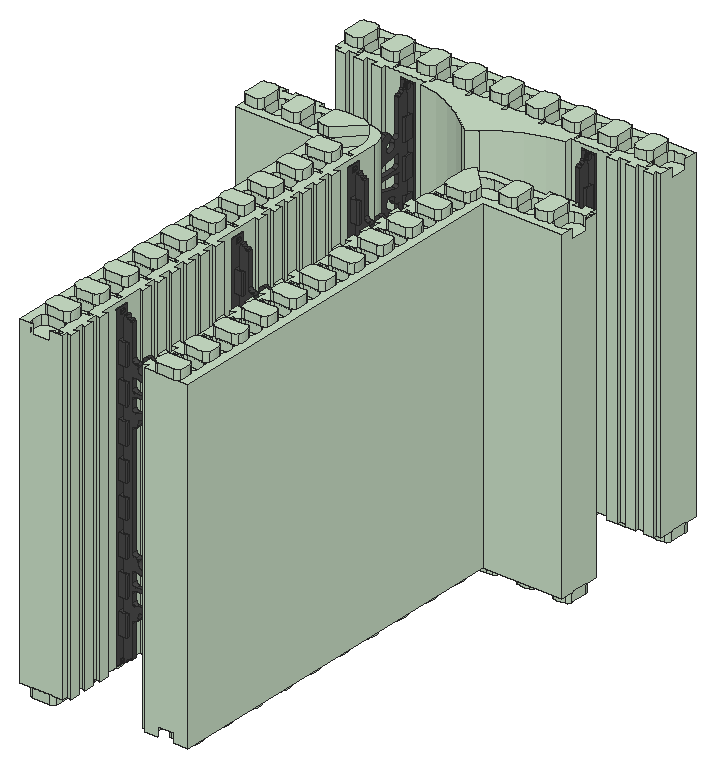
Revit family "ICF- NUDURA 4-inch- Long T Form Unit- Imperial", category Generic Models, Revit 2011 (continued)
Definition of nested family "NUDURA Diamond Pattern Missing Two Lines"
  Lines and regions (in)
    model lines
      curve 1: line (2, -5.625, 18) -> (2, -5.625, 0)
      curve 2: line (3.35367, -5.625, 16.98484) -> (3.69709, -5.625, 16.64142)
      curve 3: arc (3.35367, -5.625, 17.51517) -> (3.24384, -5.625, 17.25) -> (3.35367, -5.625, 16.98484) r 0.375
      curve 4: line (3.72867, -5.625, 17.89017) -> (3.35367, -5.625, 17.51517)
      curve 5: arc (4.259, -5.625, 17.89017) -> (3.99384, -5.625, 18) -> (3.72867, -5.625, 17.89017) r 0.375
      curve 6: line (4.634, -5.625, 17.51517) -> (4.259, -5.625, 17.89017)
      curve 7: arc (4.634, -5.625, 16.98484) -> (4.74384, -5.625, 17.25) -> (4.634, -5.625, 17.51517) r 0.375
      curve 8: line (4.29059, -5.625, 16.64142) -> (4.634, -5.625, 16.98484)
      curve 9: arc (4.17062, -5.625, 17.80178) -> (3.99384, -5.625, 17.875) -> (3.81706, -5.625, 17.80178) r 0.25
      curve 10: line (4.54562, -5.625, 17.42678) -> (4.17062, -5.625, 17.80178)
      curve 11: arc (4.54562, -5.625, 17.07322) -> (4.61884, -5.625, 17.25) -> (4.54562, -5.625, 17.42678) r 0.25
      curve 12: line (4.17062, -5.625, 16.69822) -> (4.54562, -5.625, 17.07322)
      curve 13: arc (3.81706, -5.625, 16.69822) -> (3.99384, -5.625, 16.625) -> (4.17062, -5.625, 16.69822) r 0.25
      curve 14: line (3.44206, -5.625, 17.07322) -> (3.81706, -5.625, 16.69822)
      curve 15: arc (3.44206, -5.625, 17.42678) -> (3.36884, -5.625, 17.25) -> (3.44206, -5.625, 17.07322) r 0.25
      curve 16: line (3.81706, -5.625, 17.80178) -> (3.44206, -5.625, 17.42678)
      curve 17: arc (3.69709, -5.625, 16.35858) -> (3.75567, -5.625, 16.5) -> (3.69709, -5.625, 16.64142) r 0.2
      curve 18: line (4.634, -5.625, 16.01517) -> (4.29059, -5.625, 16.35858)
      curve 19: arc (4.634, -5.625, 15.48484) -> (4.74384, -5.625, 15.75) -> (4.634, -5.625, 16.01517) r 0.375
      curve 20: line (4.29059, -5.625, 15.14142) -> (4.634, -5.625, 15.48484)
      curve 21: line (3.35367, -5.625, 15.48484) -> (3.69709, -5.625, 15.14142)
      curve 22: arc (3.35367, -5.625, 16.01517) -> (3.24384, -5.625, 15.75) -> (3.35367, -5.625, 15.48484) r 0.375
      curve 23: line (3.69709, -5.625, 16.35858) -> (3.35367, -5.625, 16.01517)
      curve 24: arc (4.17062, -5.625, 16.30178) -> (3.99384, -5.625, 16.375) -> (3.81706, -5.625, 16.30178) r 0.25
      curve 25: line (3.81706, -5.625, 16.30178) -> (3.44206, -5.625, 15.92678)
      curve 26: arc (3.44206, -5.625, 15.92678) -> (3.36884, -5.625, 15.75) -> (3.44206, -5.625, 15.57322) r 0.25
      curve 27: line (3.44206, -5.625, 15.57322) -> (3.81706, -5.625, 15.19822)
      curve 28: arc (3.81706, -5.625, 15.19822) -> (3.99384, -5.625, 15.125) -> (4.17062, -5.625, 15.19822) r 0.25
      curve 29: line (4.17062, -5.625, 15.19822) -> (4.54562, -5.625, 15.57322)
      curve 30: arc (4.54562, -5.625, 15.57322) -> (4.61884, -5.625, 15.75) -> (4.54562, -5.625, 15.92678) r 0.25
      curve 31: line (4.54562, -5.625, 15.92678) -> (4.17062, -5.625, 16.30178)
      curve 32: arc (3.69709, -5.625, 14.85858) -> (3.75567, -5.625, 15) -> (3.69709, -5.625, 15.14142) r 0.2
      curve 33: line (4.634, -5.625, 14.51517) -> (4.29059, -5.625, 14.85858)
      curve 34: arc (4.634, -5.625, 13.98484) -> (4.74384, -5.625, 14.25) -> (4.634, -5.625, 14.51517) r 0.375
      curve 35: line (4.29059, -5.625, 13.64142) -> (4.634, -5.625, 13.98484)
      curve 36: line (3.35367, -5.625, 13.98484) -> (3.69709, -5.625, 13.64142)
      curve 37: arc (3.35367, -5.625, 14.51517) -> (3.24384, -5.625, 14.25) -> (3.35367, -5.625, 13.98484) r 0.375
      curve 38: line (3.69709, -5.625, 14.85858) -> (3.35367, -5.625, 14.51517)
      curve 39: arc (4.17062, -5.625, 14.80178) -> (3.99384, -5.625, 14.875) -> (3.81706, -5.625, 14.80178) r 0.25
      curve 40: line (3.81706, -5.625, 14.80178) -> (3.44206, -5.625, 14.42678)
      curve 41: arc (3.44206, -5.625, 14.42678) -> (3.36884, -5.625, 14.25) -> (3.44206, -5.625, 14.07322) r 0.25
      curve 42: line (3.44206, -5.625, 14.07322) -> (3.81706, -5.625, 13.69822)
      curve 43: arc (3.81706, -5.625, 13.69822) -> (3.99384, -5.625, 13.625) -> (4.17062, -5.625, 13.69822) r 0.25
      curve 44: line (4.17062, -5.625, 13.69822) -> (4.54562, -5.625, 14.07322)
      curve 45: arc (4.54562, -5.625, 14.07322) -> (4.61884, -5.625, 14.25) -> (4.54562, -5.625, 14.42678) r 0.25
      curve 46: line (4.54562, -5.625, 14.42678) -> (4.17062, -5.625, 14.80178)
      curve 47: arc (3.69709, -5.625, 13.35858) -> (3.75567, -5.625, 13.5) -> (3.69709, -5.625, 13.64142) r 0.2
      curve 48: line (4.634, -5.625, 13.01517) -> (4.29059, -5.625, 13.35858)
      curve 49: arc (4.634, -5.625, 12.48484) -> (4.74384, -5.625, 12.75) -> (4.634, -5.625, 13.01517) r 0.375
      curve 50: line (4.29059, -5.625, 12.14142) -> (4.634, -5.625, 12.48484)
      curve 51: line (3.35367, -5.625, 12.48484) -> (3.69709, -5.625, 12.14142)
      curve 52: arc (3.35367, -5.625, 13.01517) -> (3.24384, -5.625, 12.75) -> (3.35367, -5.625, 12.48484) r 0.375
      curve 53: line (3.69709, -5.625, 13.35858) -> (3.35367, -5.625, 13.01517)
      curve 54: arc (4.17062, -5.625, 13.30178) -> (3.99384, -5.625, 13.375) -> (3.81706, -5.625, 13.30178) r 0.25
      curve 55: line (3.81706, -5.625, 13.30178) -> (3.44206, -5.625, 12.92678)
      curve 56: arc (3.44206, -5.625, 12.92678) -> (3.36884, -5.625, 12.75) -> (3.44206, -5.625, 12.57322) r 0.25
      curve 57: line (3.44206, -5.625, 12.57322) -> (3.81706, -5.625, 12.19822)
      curve 58: arc (3.81706, -5.625, 12.19822) -> (3.99384, -5.625, 12.125) -> (4.17062, -5.625, 12.19822) r 0.25
      curve 59: line (4.17062, -5.625, 12.19822) -> (4.54562, -5.625, 12.57322)
      curve 60: arc (4.54562, -5.625, 12.57322) -> (4.61884, -5.625, 12.75) -> (4.54562, -5.625, 12.92678) r 0.25
      curve 61: line (4.54562, -5.625, 12.92678) -> (4.17062, -5.625, 13.30178)
      curve 62: arc (3.69709, -5.625, 11.85858) -> (3.75567, -5.625, 12) -> (3.69709, -5.625, 12.14142) r 0.2
      curve 63: line (4.634, -5.625, 11.51517) -> (4.29059, -5.625, 11.85858)
      curve 64: arc (4.634, -5.625, 10.98484) -> (4.74384, -5.625, 11.25) -> (4.634, -5.625, 11.51517) r 0.375
      curve 65: line (4.29059, -5.625, 10.64142) -> (4.634, -5.625, 10.98484)
      curve 66: line (3.35367, -5.625, 10.98484) -> (3.69709, -5.625, 10.64142)
      curve 67: arc (3.35367, -5.625, 11.51517) -> (3.24384, -5.625, 11.25) -> (3.35367, -5.625, 10.98484) r 0.375
      curve 68: line (3.69709, -5.625, 11.85858) -> (3.35367, -5.625, 11.51517)
      curve 69: arc (4.17062, -5.625, 11.80178) -> (3.99384, -5.625, 11.875) -> (3.81706, -5.625, 11.80178) r 0.25
      curve 70: line (3.81706, -5.625, 11.80178) -> (3.44206, -5.625, 11.42678)
      curve 71: arc (3.44206, -5.625, 11.42678) -> (3.36884, -5.625, 11.25) -> (3.44206, -5.625, 11.07322) r 0.25
      curve 72: line (3.44206, -5.625, 11.07322) -> (3.81706, -5.625, 10.69822)
      curve 73: arc (3.81706, -5.625, 10.69822) -> (3.99384, -5.625, 10.625) -> (4.17062, -5.625, 10.69822) r 0.25
      curve 74: line (4.17062, -5.625, 10.69822) -> (4.54562, -5.625, 11.07322)
      curve 75: arc (4.54562, -5.625, 11.07322) -> (4.61884, -5.625, 11.25) -> (4.54562, -5.625, 11.42678) r 0.25
      curve 76: line (4.54562, -5.625, 11.42678) -> (4.17062, -5.625, 11.80178)
      curve 77: arc (3.69709, -5.625, 10.35858) -> (3.75567, -5.625, 10.5) -> (3.69709, -5.625, 10.64142) r 0.2
      curve 78: line (4.634, -5.625, 10.01517) -> (4.29059, -5.625, 10.35858)
      curve 79: arc (4.634, -5.625, 9.48484) -> (4.74384, -5.625, 9.75) -> (4.634, -5.625, 10.01517) r 0.375
      curve 80: line (4.29059, -5.625, 9.14142) -> (4.634, -5.625, 9.48484)
      curve 81: line (3.35367, -5.625, 9.48484) -> (3.69709, -5.625, 9.14142)
      curve 82: arc (3.35367, -5.625, 10.01517) -> (3.24384, -5.625, 9.75) -> (3.35367, -5.625, 9.48484) r 0.375
      curve 83: line (3.69709, -5.625, 10.35858) -> (3.35367, -5.625, 10.01517)
      curve 84: arc (4.17062, -5.625, 10.30178) -> (3.99384, -5.625, 10.375) -> (3.81706, -5.625, 10.30178) r 0.25
      curve 85: line (3.81706, -5.625, 10.30178) -> (3.44206, -5.625, 9.92678)
      curve 86: arc (3.44206, -5.625, 9.92678) -> (3.36884, -5.625, 9.75) -> (3.44206, -5.625, 9.57322) r 0.25
      curve 87: line (3.44206, -5.625, 9.57322) -> (3.81706, -5.625, 9.19822)
      curve 88: arc (3.81706, -5.625, 9.19822) -> (3.99384, -5.625, 9.125) -> (4.17062, -5.625, 9.19822) r 0.25
      curve 89: line (4.17062, -5.625, 9.19822) -> (4.54562, -5.625, 9.57322)
      curve 90: arc (4.54562, -5.625, 9.57322) -> (4.61884, -5.625, 9.75) -> (4.54562, -5.625, 9.92678) r 0.25
      curve 91: line (4.54562, -5.625, 9.92678) -> (4.17062, -5.625, 10.30178)
      curve 92: arc (3.69709, -5.625, 8.85858) -> (3.75567, -5.625, 9) -> (3.69709, -5.625, 9.14142) r 0.2
      curve 93: line (4.634, -5.625, 8.51517) -> (4.29059, -5.625, 8.85858)
      curve 94: arc (4.634, -5.625, 7.98484) -> (4.74384, -5.625, 8.25) -> (4.634, -5.625, 8.51517) r 0.375
      curve 95: line (4.29059, -5.625, 7.64142) -> (4.634, -5.625, 7.98484)
      curve 96: line (3.35367, -5.625, 7.98484) -> (3.69709, -5.625, 7.64142)
      curve 97: arc (3.35367, -5.625, 8.51517) -> (3.24384, -5.625, 8.25) -> (3.35367, -5.625, 7.98484) r 0.375
      curve 98: line (3.69709, -5.625, 8.85858) -> (3.35367, -5.625, 8.51517)
      curve 99: arc (4.17062, -5.625, 8.80178) -> (3.99384, -5.625, 8.875) -> (3.81706, -5.625, 8.80178) r 0.25
      curve 100: line (3.81706, -5.625, 8.80178) -> (3.44206, -5.625, 8.42678)
      curve 101: arc (3.44206, -5.625, 8.42678) -> (3.36884, -5.625, 8.25) -> (3.44206, -5.625, 8.07322) r 0.25
      curve 102: line (3.44206, -5.625, 8.07322) -> (3.81706, -5.625, 7.69822)
      curve 103: arc (3.81706, -5.625, 7.69822) -> (3.99384, -5.625, 7.625) -> (4.17062, -5.625, 7.69822) r 0.25
      curve 104: line (4.17062, -5.625, 7.69822) -> (4.54562, -5.625, 8.07322)
      curve 105: arc (4.54562, -5.625, 8.07322) -> (4.61884, -5.625, 8.25) -> (4.54562, -5.625, 8.42678) r 0.25
      curve 106: line (4.54562, -5.625, 8.42678) -> (4.17062, -5.625, 8.80178)
      curve 107: arc (3.69709, -5.625, 7.35858) -> (3.75567, -5.625, 7.5) -> (3.69709, -5.625, 7.64142) r 0.2
      curve 108: line (4.634, -5.625, 7.01517) -> (4.29059, -5.625, 7.35858)
      curve 109: arc (4.634, -5.625, 6.48484) -> (4.74384, -5.625, 6.75) -> (4.634, -5.625, 7.01517) r 0.375
      curve 110: line (4.29059, -5.625, 6.14142) -> (4.634, -5.625, 6.48484)
      curve 111: line (3.35367, -5.625, 6.48484) -> (3.69709, -5.625, 6.14142)
      curve 112: arc (3.35367, -5.625, 7.01517) -> (3.24384, -5.625, 6.75) -> (3.35367, -5.625, 6.48484) r 0.375
      curve 113: line (3.69709, -5.625, 7.35858) -> (3.35367, -5.625, 7.01517)
      curve 114: arc (4.17062, -5.625, 7.30178) -> (3.99384, -5.625, 7.375) -> (3.81706, -5.625, 7.30178) r 0.25
      curve 115: line (3.81706, -5.625, 7.30178) -> (3.44206, -5.625, 6.92678)
      curve 116: arc (3.44206, -5.625, 6.92678) -> (3.36884, -5.625, 6.75) -> (3.44206, -5.625, 6.57322) r 0.25
      curve 117: line (3.44206, -5.625, 6.57322) -> (3.81706, -5.625, 6.19822)
      curve 118: arc (3.81706, -5.625, 6.19822) -> (3.99384, -5.625, 6.125) -> (4.17062, -5.625, 6.19822) r 0.25
      curve 119: line (4.17062, -5.625, 6.19822) -> (4.54562, -5.625, 6.57322)
      curve 120: arc (4.54562, -5.625, 6.57322) -> (4.61884, -5.625, 6.75) -> (4.54562, -5.625, 6.92678) r 0.25
      curve 121: line (4.54562, -5.625, 6.92678) -> (4.17062, -5.625, 7.30178)
      curve 122: arc (3.69709, -5.625, 5.85858) -> (3.75567, -5.625, 6) -> (3.69709, -5.625, 6.14142) r 0.2
      curve 123: line (4.634, -5.625, 5.51517) -> (4.29059, -5.625, 5.85858)
      curve 124: arc (4.634, -5.625, 4.98484) -> (4.74384, -5.625, 5.25) -> (4.634, -5.625, 5.51517) r 0.375
      curve 125: line (4.29059, -5.625, 4.64142) -> (4.634, -5.625, 4.98484)
      curve 126: line (3.35367, -5.625, 4.98484) -> (3.69709, -5.625, 4.64142)
      curve 127: arc (3.35367, -5.625, 5.51517) -> (3.24384, -5.625, 5.25) -> (3.35367, -5.625, 4.98484) r 0.375
      curve 128: line (3.69709, -5.625, 5.85858) -> (3.35367, -5.625, 5.51517)
      curve 129: arc (4.17062, -5.625, 5.80178) -> (3.99384, -5.625, 5.875) -> (3.81706, -5.625, 5.80178) r 0.25
      curve 130: line (3.81706, -5.625, 5.80178) -> (3.44206, -5.625, 5.42678)
      curve 131: arc (3.44206, -5.625, 5.42678) -> (3.36884, -5.625, 5.25) -> (3.44206, -5.625, 5.07322) r 0.25
      curve 132: line (3.44206, -5.625, 5.07322) -> (3.81706, -5.625, 4.69822)
      curve 133: arc (3.81706, -5.625, 4.69822) -> (3.99384, -5.625, 4.625) -> (4.17062, -5.625, 4.69822) r 0.25
      curve 134: line (4.17062, -5.625, 4.69822) -> (4.54562, -5.625, 5.07322)
      curve 135: arc (4.54562, -5.625, 5.07322) -> (4.61884, -5.625, 5.25) -> (4.54562, -5.625, 5.42678) r 0.25
      curve 136: line (4.54562, -5.625, 5.42678) -> (4.17062, -5.625, 5.80178)
      curve 137: arc (3.69709, -5.625, 4.35858) -> (3.75567, -5.625, 4.5) -> (3.69709, -5.625, 4.64142) r 0.2
      curve 138: line (4.634, -5.625, 4.01517) -> (4.29059, -5.625, 4.35858)
      curve 139: arc (4.634, -5.625, 3.48484) -> (4.74384, -5.625, 3.75) -> (4.634, -5.625, 4.01517) r 0.375
      curve 140: line (4.29059, -5.625, 3.14142) -> (4.634, -5.625, 3.48484)
      curve 141: line (3.35367, -5.625, 3.48484) -> (3.69709, -5.625, 3.14142)
      curve 142: arc (3.35367, -5.625, 4.01517) -> (3.24384, -5.625, 3.75) -> (3.35367, -5.625, 3.48484) r 0.375
      curve 143: line (3.69709, -5.625, 4.35858) -> (3.35367, -5.625, 4.01517)
      curve 144: arc (4.17062, -5.625, 4.30178) -> (3.99384, -5.625, 4.375) -> (3.81706, -5.625, 4.30178) r 0.25
      curve 145: line (3.81706, -5.625, 4.30178) -> (3.44206, -5.625, 3.92678)
      curve 146: arc (3.44206, -5.625, 3.92678) -> (3.36884, -5.625, 3.75) -> (3.44206, -5.625, 3.57322) r 0.25
      curve 147: line (3.44206, -5.625, 3.57322) -> (3.81706, -5.625, 3.19822)
      curve 148: arc (3.81706, -5.625, 3.19822) -> (3.99384, -5.625, 3.125) -> (4.17062, -5.625, 3.19822) r 0.25
      curve 149: line (4.17062, -5.625, 3.19822) -> (4.54562, -5.625, 3.57322)
      curve 150: arc (4.54562, -5.625, 3.57322) -> (4.61884, -5.625, 3.75) -> (4.54562, -5.625, 3.92678) r 0.25
      curve 151: line (4.54562, -5.625, 3.92678) -> (4.17062, -5.625, 4.30178)
      curve 152: arc (3.69709, -5.625, 2.85858) -> (3.75567, -5.625, 3) -> (3.69709, -5.625, 3.14142) r 0.2
      curve 153: line (4.634, -5.625, 2.51517) -> (4.29059, -5.625, 2.85858)
      curve 154: arc (4.634, -5.625, 1.98484) -> (4.74384, -5.625, 2.25) -> (4.634, -5.625, 2.51517) r 0.375
      curve 155: line (4.29059, -5.625, 1.64142) -> (4.634, -5.625, 1.98484)
      curve 156: line (3.35367, -5.625, 1.98484) -> (3.69709, -5.625, 1.64142)
      curve 157: arc (3.35367, -5.625, 2.51517) -> (3.24384, -5.625, 2.25) -> (3.35367, -5.625, 1.98484) r 0.375
      curve 158: line (3.69709, -5.625, 2.85858) -> (3.35367, -5.625, 2.51517)
      curve 159: arc (4.17062, -5.625, 2.80178) -> (3.99384, -5.625, 2.875) -> (3.81706, -5.625, 2.80178) r 0.25
      curve 160: line (3.81706, -5.625, 2.80178) -> (3.44206, -5.625, 2.42678)
      curve 161: arc (3.44206, -5.625, 2.42678) -> (3.36884, -5.625, 2.25) -> (3.44206, -5.625, 2.07322) r 0.25
      curve 162: line (3.44206, -5.625, 2.07322) -> (3.81706, -5.625, 1.69822)
      curve 163: arc (3.81706, -5.625, 1.69822) -> (3.99384, -5.625, 1.625) -> (4.17062, -5.625, 1.69822) r 0.25
      curve 164: line (4.17062, -5.625, 1.69822) -> (4.54562, -5.625, 2.07322)
      curve 165: arc (4.54562, -5.625, 2.07322) -> (4.61884, -5.625, 2.25) -> (4.54562, -5.625, 2.42678) r 0.25
      curve 166: line (4.54562, -5.625, 2.42678) -> (4.17062, -5.625, 2.80178)
      curve 167: arc (3.69709, -5.625, 1.35858) -> (3.75567, -5.625, 1.5) -> (3.69709, -5.625, 1.64142) r 0.2
      curve 168: line (3.69709, -5.625, 1.35858) -> (3.35367, -5.625, 1.01517)
      curve 169: arc (3.35367, -5.625, 1.01517) -> (3.24384, -5.625, 0.75) -> (3.35367, -5.625, 0.48484) r 0.375
      curve 170: line (3.35367, -5.625, 0.48484) -> (3.72867, -5.625, 0.10984)
      curve 171: arc (3.72867, -5.625, 0.10984) -> (3.99384, -5.625, 0) -> (4.259, -5.625, 0.10984) r 0.375
      curve 172: line (4.259, -5.625, 0.10984) -> (4.634, -5.625, 0.48484)
      curve 173: arc (4.634, -5.625, 0.48484) -> (4.74384, -5.625, 0.75) -> (4.634, -5.625, 1.01517) r 0.375
      curve 174: line (4.634, -5.625, 1.01517) -> (4.29059, -5.625, 1.35858)
      curve 175: arc (4.29059, -5.625, 1.64142) -> (4.23201, -5.625, 1.5) -> (4.29059, -5.625, 1.35858) r 0.2
      curve 176: arc (4.17062, -5.625, 1.30178) -> (3.99384, -5.625, 1.375) -> (3.81706, -5.625, 1.30178) r 0.25
      curve 177: line (4.54562, -5.625, 0.92678) -> (4.17062, -5.625, 1.30178)
      curve 178: arc (4.54562, -5.625, 0.57322) -> (4.61884, -5.625, 0.75) -> (4.54562, -5.625, 0.92678) r 0.25
      curve 179: line (4.17062, -5.625, 0.19822) -> (4.54562, -5.625, 0.57322)
      curve 180: arc (3.81706, -5.625, 0.19822) -> (3.99384, -5.625, 0.125) -> (4.17062, -5.625, 0.19822) r 0.25
      curve 181: line (3.44206, -5.625, 0.57322) -> (3.81706, -5.625, 0.19822)
      curve 182: arc (3.44206, -5.625, 0.92678) -> (3.36884, -5.625, 0.75) -> (3.44206, -5.625, 0.57322) r 0.25
      curve 183: line (3.81706, -5.625, 1.30178) -> (3.44206, -5.625, 0.92678)
      curve 184: arc (4.29059, -5.625, 3.14142) -> (4.23201, -5.625, 3) -> (4.29059, -5.625, 2.85858) r 0.2
      curve 185: arc (4.29059, -5.625, 4.64142) -> (4.23201, -5.625, 4.5) -> (4.29059, -5.625, 4.35858) r 0.2
      curve 186: arc (4.29059, -5.625, 6.14142) -> (4.23201, -5.625, 6) -> (4.29059, -5.625, 5.85858) r 0.2
      curve 187: arc (4.29059, -5.625, 7.64142) -> (4.23201, -5.625, 7.5) -> (4.29059, -5.625, 7.35858) r 0.2
      curve 188: arc (4.29059, -5.625, 9.14142) -> (4.23201, -5.625, 9) -> (4.29059, -5.625, 8.85858) r 0.2
      curve 189: arc (4.29059, -5.625, 10.64142) -> (4.23201, -5.625, 10.5) -> (4.29059, -5.625, 10.35858) r 0.2
      curve 190: arc (4.29059, -5.625, 12.14142) -> (4.23201, -5.625, 12) -> (4.29059, -5.625, 11.85858) r 0.2
      curve 191: arc (4.29059, -5.625, 13.64142) -> (4.23201, -5.625, 13.5) -> (4.29059, -5.625, 13.35858) r 0.2
      curve 192: arc (4.29059, -5.625, 15.14142) -> (4.23201, -5.625, 15) -> (4.29059, -5.625, 14.85858) r 0.2
      curve 193: arc (4.29059, -5.625, 16.64142) -> (4.23201, -5.625, 16.5) -> (4.29059, -5.625, 16.35858) r 0.2
